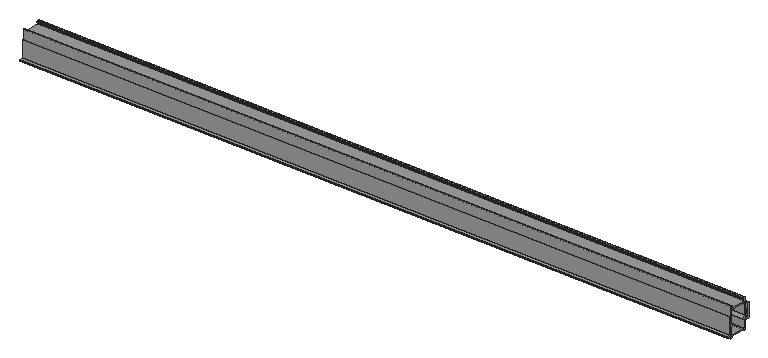
Revit family "Alcon-12100-14-PR-Revit-Family", category Lighting Fixtures, host Ceiling, Revit 2021
Family settings
  Host = Ceiling
  Round Connector Dimension = Use Diameter
  Part Type = Normal
  Always vertical = Yes
  Cut with Voids When Loaded = No
  Light Source = Yes
  Shared = No
  Room Calculation Point = No
Parameters (values of type "8'")
  Wattage = 9.2903 W
  built-in parameter 1150110 = 1 (stored number, unit not read)
  built-in parameter 1114217 = 1 (stored number, unit not read)
  built-in parameter 1150109 = 1 (stored number, unit not read)
  built-in parameter 1150134 = 3
  built-in parameter 1150113 = 1 (stored number, unit not read)
  Product identity = "Alcon Lighting 12100-14-PR"
  Manufacturer = "Alcon Light"
  built-in parameter 1150105 = 439.27 (stored number, unit not read)
  Lumens = 1380 lm
  built-in parameter 1150115 = 1 (stored number, unit not read)
  Link To Product Page = "https://www.alconlighting.com/12100-14-pr.html"
  Light Source Symbol Size = 0' - 2"
  built-in parameter 1150137 = (empty or 0)
  built-in parameter 1150139 = (empty or 0)
  Lens = Lens
  Length = 8' - 0"
  built-in parameter 1150112 = 1 (stored number, unit not read)
  built-in parameter 1150114 = 1 (stored number, unit not read)
  built-in parameter 1150132 = (empty or 0)
  built-in parameter 1150102 = (empty or 0)
  built-in parameter 1150107 = 3200 (stored number, unit not read)
  built-in parameter 1150138 = (empty or 0)
  built-in parameter 1150106 = 4.3927 (stored number, unit not read)
  Housing = Default
  Emit from Line Length = 8' - 0"
  built-in parameter 1150104 = 13.8 (stored number, unit not read)
  Dimming Lamp Color Temperature Shift = <None>
  Default Elevation = 0' - 0"
  Color Filter = 16777215
  built-in parameter 1114218 = 1 (stored number, unit not read)
  built-in parameter 1150133 = 10 (stored number, unit not read)
Types (4): name | Length | Emit from Line Length
  (no name) | 8' - 0" | 8' - 0"
  4' | 4' - 0" | 4' - 0"
  6' | 6' - 0" | 6' - 0"
  8' | 8' - 0" | 8' - 0"
Reference planes (in)
  plane 1 "Center (Front/Back)": y = 0
  plane 2 "Ceiling": z = 96
  plane 3 "Center (Left/Right)": x = 0
  plane 4: x = -48
  plane 5: x = 48
Forms (in)
  Extrusion 1, solid, material "Default" <- "Housing"
    sketch origin (-23.40321, 0, 256.88409) x (0, -1, 0) y (0, 0, -1)
      loop
        line (-1.25, 160.88409) -> (-1.25, 156.91191) -> (-1.08277, 156.91191) -> (-0.96632, 157.05069) -> (-1.04252, 157.12689) -> (-1.13778, 157.03163) -> (-1.13778, 157.28163) -> (1.13778, 157.28163) -> (1.13778, 157.03163) -> (1.04252, 157.12689) -> (0.96632, 157.05069) -> (1.08277, 156.91191) -> (1.25, 156.91191) -> (1.25, 160.88409) -> (1.12433, 160.88409) -> (1.07255, 160.83231) -> (1.07255, 160.71063) -> (1.13778, 160.76537) -> (1.13778, 159.57159) -> (1.02632, 159.50195) -> (1.10476, 159.37643) -> (1.10476, 159.23019) -> (0.96061, 159.46088) -> (0.87282, 159.40603) -> (1.13778, 158.982) -> (1.13778, 157.39018) -> (0.92076, 157.39018) -> (0.92076, 157.55788) -> (0.81291, 157.55788) -> (0.81291, 157.39018) -> (-0.81291, 157.39018) -> (-0.81291, 157.55788) -> (-0.92076, 157.55788) -> (-0.92076, 157.39018) -> (-1.13778, 157.39018) -> (-1.13778, 158.982) -> (-0.87282, 159.40603) -> (-0.96061, 159.46088) -> (-1.10476, 159.23019) -> (-1.10476, 159.37643) -> (-1.02632, 159.50195) -> (-1.13778, 159.57159) -> (-1.13778, 160.76537) -> (-1.07255, 160.71063) -> (-1.07255, 160.83231) -> (-1.12433, 160.88409) -> (-1.25, 160.88409)
    from -24.59679 to 71.40321
  Extrusion 2, solid, material "Lens" <- "Lens"
    sketch origin (-23.40321, 0, 256.92333) x (0, -1, 0) y (0, 0, -1)
      loop
        line (1.13778, 160.68065) -> (1.13778, 160.74867) -> (-1.13778, 160.74867) -> (-1.13778, 160.68065) -> (1.13778, 160.68065)
    from -24.59679 to 71.40321
  Extrusion 3, solid, material "Default" <- "Housing"
    sketch origin (-23.40321, -11.35839, 256.88409) x (0, 1, 0) y (0, 0, 1)
      loop
        line (13.14759, -157.78329) -> (13.02259, -157.78329) -> (13.02259, -159.5278) -> (12.73339, -159.5278) -> (12.73339, -159.20957) -> (12.60839, -159.20957) -> (12.60839, -159.6528) -> (13.14759, -159.6528) -> (13.14759, -157.78329)
      loop
        line (12.98584, -159.47859) -> (12.98584, -159.02552) -> (12.73339, -159.02552) -> (12.73339, -158.40052) -> (12.60839, -158.40052) -> (12.60839, -159.15052) -> (12.86084, -159.15052) -> (12.86084, -159.47859) -> (12.98584, -159.47859)
      loop
        line (10.10839, -158.22156) -> (9.98339, -158.22156) -> (9.98339, -160.40906) -> (9.47473, -160.40906) -> (9.47473, -160.53406) -> (10.10839, -160.53406) -> (10.10839, -158.22156)
    from -24.59679 to 71.40321
  Extrusion 4, void
    sketch origin (0, 0, 96) x (1, 0, 0) y (0, 1, 0)
      loop
        line (-48, 1.13778) -> (-48, -1.13778) -> (48, -1.13778) -> (48, 1.13778) -> (-48, 1.13778)
    from -0.79036 to 4.20178
Dimensions and locks (in)
  equal spacing: host sketch curve, plane 3 "Center (Left/Right)", host sketch curve
  equal spacing: host sketch curve, plane 1 "Center (Front/Back)", host sketch curve
  host sketch curve to host sketch curve = 10' - 0"  (x2)
  equal spacing: plane 4, plane 3 "Center (Left/Right)", plane 5
  "Length": plane 4 to plane 5
  aligned and locked: Extrusion 2 to plane 4
  aligned and locked: Extrusion 1 to plane 4
  aligned and locked: Extrusion 3 to plane 4
  aligned and locked: plane 5 to Extrusion 2
  aligned and locked: plane 5 to Extrusion 3
  aligned and locked: plane 5 to Extrusion 1
Automatic sketch dimensions
  Extrusion 1 sketch curve to plane 1 "Center (Front/Back)" = 0' - 1 1/4"
  Extrusion 1 sketch curve to Extrusion 1 sketch curve = 0' - 0.11222"  (x4)
  Extrusion 1 sketch curve to Extrusion 1 sketch curve = 0' - 0.01344"
  Extrusion 1 sketch curve to Extrusion 1 sketch curve = 0' - 0.03302"  (x2)
  Extrusion 1 sketch curve to Extrusion 1 sketch curve = 0' - 0.05501"
  Extrusion 1 sketch curve to Extrusion 1 sketch curve = 0' - 0.09526"
  Extrusion 1 sketch curve to Extrusion 1 sketch curve = 0' - 0.11146"  (x2)
  Extrusion 1 sketch curve to Extrusion 1 sketch curve = 0' - 0.06523"
  Extrusion 1 sketch curve to Extrusion 1 sketch curve = 0' - 0.0762"  (x2)
  Extrusion 1 sketch curve to Extrusion 1 sketch curve = 0' - 0.06572"  (x2)
  Extrusion 1 sketch curve to Extrusion 1 sketch curve = 0' - 0.21702"
  Extrusion 1 sketch curve to Extrusion 1 sketch curve = 0' - 0.08779"  (x2)
  Extrusion 1 sketch curve to Extrusion 1 sketch curve = 0' - 0.10785"  (x2)
  Extrusion 1 sketch curve to Extrusion 1 sketch curve = 0' - 1.62581"
  Extrusion 1 sketch curve to Extrusion 1 sketch curve = 0' - 1.74564"
  Extrusion 1 sketch curve to Extrusion 1 sketch curve = 0' - 0.04556"
  Extrusion 1 sketch curve to Extrusion 1 sketch curve = 0' - 0.11194"
  Extrusion 1 sketch curve to Extrusion 1 sketch curve = 0' - 0.11645"
  Extrusion 1 sketch curve to Extrusion 1 sketch curve = 0' - 0.07843"
  Extrusion 1 sketch curve to Extrusion 1 sketch curve = 0' - 0.05179"
  Extrusion 1 sketch curve to Extrusion 1 sketch curve = 0' - 0"  (x3)
  plane 2 "Ceiling" to Extrusion 1 sketch curve = 0' - 3.97218"
  Extrusion 1 sketch curve to Extrusion 1 sketch curve = 0' - 0.11972"  (x2)
  Extrusion 1 sketch curve to Extrusion 1 sketch curve = 0' - 0.01906"  (x2)
  Extrusion 1 sketch curve to Extrusion 1 sketch curve = 0' - 0.15474"
  Extrusion 1 sketch curve to Extrusion 1 sketch curve = 0' - 0.10855"  (x2)
  Extrusion 1 sketch curve to Extrusion 1 sketch curve = 0' - 0.1677"  (x2)
  Extrusion 1 sketch curve to Extrusion 1 sketch curve = 0' - 1.42412"  (x2)
  Extrusion 1 sketch curve to Extrusion 1 sketch curve = 0' - 0.24819"  (x2)
  Extrusion 1 sketch curve to Extrusion 1 sketch curve = 0' - 0.14623"  (x2)
  Extrusion 1 sketch curve to Extrusion 1 sketch curve = 0' - 0.04106"  (x2)
  Extrusion 1 sketch curve to Extrusion 1 sketch curve = 0' - 1.13904"  (x2)
  Extrusion 1 sketch curve to Extrusion 1 sketch curve = 0' - 0.05474"  (x2)
  Extrusion 1 sketch curve to Extrusion 1 sketch curve = 0' - 0.06694"  (x2)
  Extrusion 1 sketch curve to Extrusion 1 sketch curve = 0' - 0.11872"  (x2)
  Extrusion 2 sketch curve to plane 1 "Center (Front/Back)" = 0' - 1.13778"
  Extrusion 2 sketch curve to Extrusion 2 sketch curve = 0' - 2.27556"
  plane 2 "Ceiling" to Extrusion 2 sketch curve = 0' - 0.24268"
  Extrusion 2 sketch curve to Extrusion 2 sketch curve = 0' - 0.06802"
  Extrusion 3 sketch curve to plane 1 "Center (Front/Back)" = 0' - 1.88367"
  Extrusion 3 sketch curve to Extrusion 3 sketch curve = 0' - 0.50867"
  Extrusion 3 sketch curve to Extrusion 3 sketch curve = 0' - 0 1/8"  (x8)
  Extrusion 3 sketch curve to Extrusion 3 sketch curve = 0' - 2 1/2"
  Extrusion 3 sketch curve to Extrusion 3 sketch curve = 0' - 0"
  Extrusion 3 sketch curve to Extrusion 3 sketch curve = 0' - 0.12744"
  Extrusion 3 sketch curve to Extrusion 3 sketch curve = 0' - 0.03676"
  plane 2 "Ceiling" to Extrusion 3 sketch curve = 0' - 0.35003"
  Extrusion 3 sketch curve to Extrusion 3 sketch curve = 0' - 0.88127"
  Extrusion 3 sketch curve to Extrusion 3 sketch curve = 0' - 0.04921"
  Extrusion 3 sketch curve to Extrusion 3 sketch curve = 0' - 0.26902"
  Extrusion 3 sketch curve to Extrusion 3 sketch curve = 0' - 0.05905"
  Extrusion 3 sketch curve to Extrusion 3 sketch curve = 0' - 0 5/8"
  Extrusion 3 sketch curve to Extrusion 3 sketch curve = 0' - 2 3/16"
  Extrusion 3 sketch curve to Extrusion 3 sketch curve = 0' - 0.61723"
  Extrusion 4 sketch curve to plane 4 = 0' - 0"
  Extrusion 4 sketch curve to plane 5 = 0' - 0"
  plane 1 "Center (Front/Back)" to Extrusion 4 sketch curve = 0' - 1.13778"
  Extrusion 4 sketch curve to Extrusion 4 sketch curve = 0' - 2.27556"
